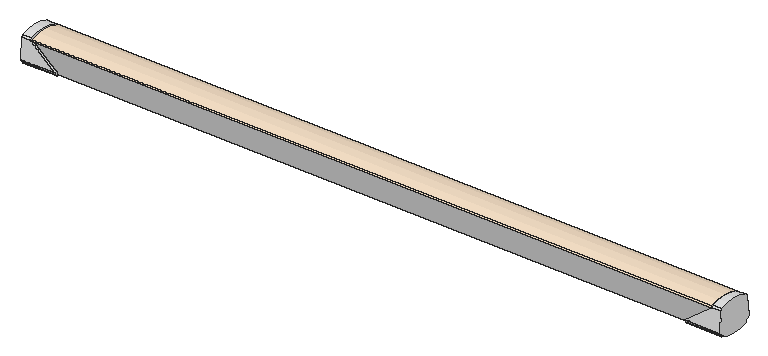
Revit family "Lighting-Industrial-GEWISS-ELIA-WL-LED_WATERTIGHT", category Apparecchi per illuminazione, host Superficie, Revit 2019
Family settings
  Host = Superficie
  Quota connettore circolare = Usa diametro
  Tipo di parte = Normale
  Taglio con vuoti quando caricato = No
  Sorgente d'illuminazione = Sì
  Condiviso = No
  Punto di calcolo locali = Sì
Parameters (values of type "GWS2358PL - ELIA WL 1500 OPAL 4000K THROUGH LINE")
  Working temperature = "-25 +40 °C"
  Weight (kg): = "2"
  Weight (kg) = "2"
  Wattage = 9.2903 W
  Warranty = "5 years"
  Voltage = "220-240 V "
  Visibilità frontale = Frontale : 1500
  Visibilità etichetta [instance] = yes
  Visibilità bidimensionale = 2D frontali : Elia WL 1500
  Version file RFA = "20.0"
  Variazione temperatura colore lampada con luminosità attenuata = <Nessuno>
  Visibilità simbolo [instance] = yes
  Visibilità lampada in pianta [instance] = not(Visibilità simbolo)  # no
  URL = "https://www.gewiss.com/ww/en"
  UGR: = ""
  Typology = "Ceiling - Wall mounted - Suspended"
  Type of light source = "LED - Not replaceable"
  Type of lamp = "LED"
  built-in parameter 1150107 = 3200 (stored number, unit not read)
  Technical sheet = "https://www.gewiss.com/ww/en/search?q=GWS2358PL"
  System power = "47W"
  Spostamento_x_effettivo [instance] = 4000 mm - Spostamento_x  # 4000 mm
  Spostamento_x [instance] = 0 mm
  Spostamento_y_effettivo [instance] = 4000 mm - Spostamento_y  # 4000 mm
  Spostamento_y [instance] = 0 mm
  Shock resistance = "IK08"
  SEO = "Ceiling - Wall mounted - Suspended"
  Realized by GEWISS S.p.A. = ""
  Default Elevation = 1219.2 mm
  Produttore = "GEWISS S.p.A."
  built-in parameter 1150110 = 1 (stored number, unit not read)
  built-in parameter 1150109 = 1 (stored number, unit not read)
  built-in parameter 1114218 = 1 (stored number, unit not read)
  built-in parameter 1150112 = 1 (stored number, unit not read)
  Optic = "Opal"
  Operating temperature: = "-25 +40 °C"
  Nome quadro [instance] = "330W"
  Modello = "GWS2358PL"
  built-in parameter 1150137 = (empty or 0)
  built-in parameter 1150132 = (empty or 0)
  Luminous flux in emerg. [lm] = ""
  Lumen output (lm) = "5700"
  Lamp = "LED"
  L_lampada = 1500 mm
  LED Life time (L80B50) = "L80 B50 (Tq25°) = 54.000h"
  built-in parameter 1150105 = 109.82 (stored number, unit not read)
  built-in parameter 1150102 = (empty or 0)
  Insulation class = "I"
  Installation = "Ceiling - Wall mounted - Suspended"
  Immagine tipo = ELIA_WL.jpeg
  built-in parameter 1150106 = 1.0982 (stored number, unit not read)
  IP degree = "IP66"
  IDT = "94634168-d726-4c19-9922-7cff39855ded"
  IDF = "676f49d4-4ff3-43c5-861b-19ef4ef8a3b1"
  Lumens = 1380 lm
  Color Filter = 16777215
  File diagramma fotometrico = "GWS2358PL.IES"
  built-in parameter 1114217 = 1 (stored number, unit not read)
  built-in parameter 1150139 = (empty or 0)
  Emit from Line Length = 609.6 mm
  Electrocod = ""
  Efficiency class of integrated LEDs = ""
  built-in parameter 1150104 = 13.8 (stored number, unit not read)
  EAN code = ""
  Driver type = ""
  Distanza dal host [instance] = 0 mm
  built-in parameter 1150115 = 1 (stored number, unit not read)
  built-in parameter 1150114 = 1 (stored number, unit not read)
  built-in parameter 1150113 = 1 (stored number, unit not read)
  Dimensions (mm) = "1500 mm"
  Descrizione = "ELIA WL 1500 OPAL 4000K THROUGH LINE"
  Colour temperature: = "4000K"
  Colour temperature = "4000K"
  Colour = "White"
  built-in parameter 1150134 = 3
  built-in parameter 1150138 = (empty or 0)
  Catalogue Range = "ELIA WL"
  Catalogue = "LIGHTING"
  COBie.Tagnumber = ""
  COBie.CreatedOn = ""
  COBie.CreatebBy = ""
  COBie.ComponentRegisterItemID = ""
  COBie.Component.TagNumber = ""
  COBie.Component.Space = ""
  COBie.Component.SerialNumber = ""
  COBie.Component.InstallationDate = ""
  COBie.Component.Description = ""
  COBie.Component.BarCode = ""
  Application = "Indoor"
  Tilt Angle = 90.00°  # constant formula
  built-in parameter 1150133 = 10 (stored number, unit not read)
Types (6, lengths in mm): name | Working temperature | Weight (kg): | Weight (kg) | Visibilità frontale | Visibilità bidimensionale | Technical sheet | System power | Operating temperature: | Modello | Lumen output (lm) | L_lampada | IP degree | IDT | File diagramma fotometrico | Dimensions (mm) | Descrizione
  GWS2336P - ELIA WL 1200 OPAL 4000K STAND ALONE | "-25 +40 °C" | "1,7" | "1,7" | Frontale : 1200 | 2D frontali : Elia Wl 1200 | "https://www.gewiss.com/ww/en/search?q=GWS2336P" | "37W" | "-25 +40 °C" | "GWS2336P" | "4500" | 1200 | "IP66" | "fa43dbab-c6b4-44d3-a5c7-b5303af9448d" | "GWS2336P.IES" | "1200 mm" | "ELIA WL 1200 OPAL 4000K STAND ALONE"
  GWS2336PE - ELIA WL 1200 OPAL 4000K EMERGENCY | "0 +25 °C" | "2,7" | "2,7" | Frontale : 1200 | 2D frontali : Elia Wl 1200 | "https://www.gewiss.com/ww/en/search?q=GWS2336PE" | "42W" | "0 +25 °C" | "GWS2336PE" | "4500" | 1200 | "IP54" | "762034f8-eb7c-49ef-833b-293f5b18beb9" | "GWS2336PE.IES" | "1200 mm" | "ELIA WL 1200 OPAL 4000K EMERGENCY"
  GWS2336PL - ELIA WL 1200 OPAL 4000K THROUGH LINE | "-25 +40 °C" | "1,7" | "1,7" | Frontale : 1200 | 2D frontali : Elia Wl 1200 | "https://www.gewiss.com/ww/en/search?q=GWS2336PL" | "37W" | "-25 +40 °C" | "GWS2336PL" | "4500" | 1200 | "IP66" | "49a88468-eb8e-4ae3-bb05-9e95ea00be18" | "GWS2336PL.IES" | "1200 mm" | "ELIA WL 1200 OPAL 4000K THROUGH LINE"
  GWS2358P - ELIA WL 1500 OPAL 4000K STAND ALONE | "-25 +40 °C" | "2" | "2" | Frontale : 1500 | 2D frontali : Elia WL 1500 | "https://www.gewiss.com/ww/en/search?q=GWS2358P" | "47W" | "-25 +40 °C" | "GWS2358P" | "5700" | 1500 | "IP66" | "4e95b2c0-e32c-426e-a5ce-0e24ee83d399" | "GWS2358P.IES" | "1500 mm" | "ELIA WL 1500 OPAL 4000K STAND ALONE"
  GWS2358PE - ELIA WL 1500 OPAL 4000K EMERGENCY | "0 +25 °C" | "3" | "3" | Frontale : 1500 | 2D frontali : Elia WL 1500 | "https://www.gewiss.com/ww/en/search?q=GWS2358PE" | "52W" | "0 +25 °C" | "GWS2358PE" | "5700" | 1500 | "IP54" | "d8150ac9-eb42-467d-8340-7120c57fe45e" | "GWS2358PE.IES" | "1500 mm" | "ELIA WL 1500 OPAL 4000K EMERGENCY"
  GWS2358PL - ELIA WL 1500 OPAL 4000K THROUGH LINE | "-25 +40 °C" | "2" | "2" | Frontale : 1500 | 2D frontali : Elia WL 1500 | "https://www.gewiss.com/ww/en/search?q=GWS2358PL" | "47W" | "-25 +40 °C" | "GWS2358PL" | "5700" | 1500 | "IP66" | "94634168-d726-4c19-9922-7cff39855ded" | "GWS2358PL.IES" | "1500 mm" | "ELIA WL 1500 OPAL 4000K THROUGH LINE"
Reference planes
  plane 1 "Centro (Fronte/Retro)": y = 0
  plane 2: z = 0
  plane 3 "Centro (Sinistra/Destra)": x = 0
  plane 4: x = -4000
  plane 5: x = 0
  plane 6: x = 0
  plane 7: z = 1200
  plane 8: y = -4000
  plane 9: y = 0
  plane 10: z = 6.4
  plane 11: z = 56.978
  plane 12: z = 0
Dimensions and locks
  plane 4 to plane 3 "Centro (Sinistra/Destra)" = 4000 mm  (x2)
  "Spostamento_x_effettivo": plane 4 to plane 5
  "Spostamento_x_effettivo": plane 6 to plane 4
  plane 7 to plane 2 = 1200 mm
  "Spostamento_y_effettivo": plane 9 to plane 8
  plane 1 "Centro (Fronte/Retro)" to plane 8 = 4000 mm
  locked: plane 11 to plane 10 at 50.578
  locked: plane 10 to plane 12 at 6.4
  "Distanza dal host": plane 12 to level
  aligned and locked: plane 2 to host face
  aligned and locked: level to host face
  aligned and locked: plane 6 to nested 1
  aligned and locked: plane 10 to nested 2
  aligned and locked: plane 1 "Centro (Fronte/Retro)" to imposter light
  aligned and locked: nested 1 to plane 9
  aligned and locked: nested 4 to plane 3 "Centro (Sinistra/Destra)"
  aligned and locked: level to nested 3
  aligned and locked: nested 3 to plane 1 "Centro (Fronte/Retro)"
  aligned and locked: nested 5 to level
  aligned and locked: plane 1 "Centro (Fronte/Retro)" to nested 6
  aligned and locked: plane 6 to nested 7
  aligned and locked: nested 8 to plane 12
  aligned and locked: nested 8 to imposter light
Automatic sketch dimensions
  host sketch curve to host sketch curve = 2438.4 mm  (x2)
Nested families
  nested 1: "Etichetta light" at (0, 0, 0), visible <- "Visibilità etichetta", type "Etichetta light"
  nested 2: "Elia WL base" at (0, 0, 66.672) x (-1, 0, 0) z (0, 0, -1), type "Elia WL base"
    with L_lampada 1500 mm
  nested 3: "SIMB_2D" at (0, 0, 110.443) x (0, 0, 1) z (1, 0, 0), visible <- "Visibilità simbolo", type "SIMB_2D"
  nested 4: "SIMB_2D" at (0, 0, 40) x (-1, 0, 0) z (0, -1, 0), visible <- "Visibilità simbolo", type "SIMB_2D"
  nested 5: "2D frontali" at (0, 0, 0) x (1, 0, 0) z (0, -1, 0), visible <- "Visibilità lampada in pianta", type <- "Visibilità bidimensionale", type "Elia WL 1500"
  nested 6: "Frontale" at (0, 0, 0), type <- "Visibilità frontale", visible <- "Visibilità lampada in pianta", type "1500"
  nested 7: "Elia WL" at (0, -135, 0), visible <- "Visibilità simbolo", type "Elia WL"
  nested 8: "2D laterali" at (0, 0, 0) x (0, 1, 0) z (1, 0, 0), visible <- "Visibilità lampada in pianta", type "2D laterali"
Definition of nested family "Elia WL base"
  Parameters (values of type "Elia WL base")
    porta lampada = none
    led = none
    diametro lampada = 45 mm
    Default Elevation = 1219.2 mm
    L_lampada = 1200 mm
    Corpo centrale = none
  Reference planes
    plane 1 "Centro (Fronte/Retro)": y = 0
    plane 2: z = 0
    plane 3 "Centro (Sinistra/Destra)": x = 0
    plane 4: x = -600
    plane 5: x = -525.132
    plane 6: x = -580.156
    plane 7: x = 525.132
    plane 8: x = 580.156
    plane 9: x = 600
    plane 10: z = 39.707
    plane 11: z = -7.379
  Forms (mm)
    Extrusion 1, solid, material <- "porta lampada"
      sketch origin (0, 0, 0) x (0, 1, 0) y (0, 0, 1)
        loop
          line (-35.231, 9.488) -> (-32.064, 5.714)
          arc (-32.064, 5.714) -> (-0.397, -0.384) -> (31.269, 5.714) r 85.26
          line (31.269, 5.714) -> (35.249, 9.694) -> (38.832, 50.655) -> (36.022, 55.522)
          arc (36.022, 55.522) -> (31.906, 56.155) -> (31.272, 60.271) r 3.522
          arc (31.272, 60.271) -> (0, 66.678) -> (-31.272, 60.272) r 79.526
          arc (-31.272, 60.272) -> (-31.906, 56.156) -> (-36.022, 55.522) r 3.522
          line (-36.022, 55.522) -> (-38.832, 50.655) -> (-35.231, 9.488)
      from -600 to -525.132
    Extrusion 2, void
      sketch origin (0, 0, 0) x (1, 0, 0) y (0, 0, 1)
        loop
          line (-525.132, -7.379) -> (-525.132, 50.655) -> (-580.156, 9.694) -> (-580.156, -7.379) -> (-525.132, -7.379)
      from -42.26 to 40.514
    Extrusion 3, void
      sketch origin (0, 0, 0) x (0, 1, 0) y (0, 0, 1)
        loop
          circle (0, 39.707) r 22.5
      from -580.156 to -525.132
    Extrusion 4, solid, material <- "porta lampada"
      sketch origin (0, 0, 0) x (0, 1, 0) y (0, 0, -1)
        loop
          line (-35.231, -9.488) -> (-38.832, -50.655) -> (-36.022, -55.522)
          arc (-36.022, -55.522) -> (-31.906, -56.156) -> (-31.272, -60.272) r 3.522
          arc (-31.272, -60.272) -> (0, -66.678) -> (31.272, -60.271) r 79.526
          arc (31.272, -60.271) -> (31.906, -56.155) -> (36.022, -55.522) r 3.522
          line (36.022, -55.522) -> (38.832, -50.655) -> (35.249, -9.694) -> (31.269, -5.714)
          arc (31.269, -5.714) -> (-0.397, 0.384) -> (-32.064, -5.714) r 85.26
          line (-32.064, -5.714) -> (-35.231, -9.488)
      from -600 to -525.132
    Extrusion 5, void
      sketch origin (0, 0, 0) x (-1, 0, 0) y (0, 0, -1)
        loop
          line (-525.132, 7.379) -> (-580.156, 7.379) -> (-580.156, -9.694) -> (-525.132, -50.655) -> (-525.132, 7.379)
      from -42.26 to 40.514
    Extrusion 6, void
      sketch origin (0, 0, 0) x (0, 1, 0) y (0, 0, -1)
        loop
          line (21.429, -46.566) -> (21.429, -9.694) -> (-21.429, -9.694) -> (-21.429, -46.566)
          arc (-21.429, -46.566) -> (0, -62.207) -> (21.429, -46.566) r 22.5
      from -580.156 to 580.156
    Extrusion 7, solid, material <- "led"
      sketch origin (0, 0, 0) x (0, 1, 0) y (0, 0, 1)
        loop
          line (33.409, 7.854) -> (35.249, 9.694) -> (-35.403, 9.694) -> (-33.667, 7.625)
          arc (-33.667, 7.625) -> (-0.105, 0.866) -> (33.409, 7.854) r 85.26
      from -580.156 to 580.156
    Extrusion 8, solid, material <- "Corpo centrale"
      sketch origin (0, 0, 0) x (0, 1, 0) y (0, 0, 1)
        loop
          line (-35.112, 54.021) -> (-31.233, 9.694) -> (31.233, 9.694) -> (35.111, 54.02)
          arc (35.111, 54.02) -> (0, 62.678) -> (-35.112, 54.021) r 75.526
      from -580.156 to 580.156
  Cuts and joins
    Extrusion 2, Extrusion 3, Extrusion 5 cuts Extrusion 1
    Extrusion 5, Extrusion 6 cuts Extrusion 4
  Dimensions and locks
    locked: plane 4 to plane 6 at 19.844
    locked: plane 6 to plane 5 at 55.024
    locked: plane 8 to plane 7 at 55.024
    locked: plane 9 to plane 8 at 19.844
    equal spacing: plane 4, plane 3 "Centro (Sinistra/Destra)", plane 9
    "L_lampada": plane 4 to plane 9
    locked: level to plane 11 at 7.379
    "diametro lampada": diameter of Extrusion 3 sketch curve
    "diametro lampada": diameter of Extrusion 6 sketch curve
    aligned and locked: level to plane 2
    aligned and locked: Extrusion 2 to plane 5
    aligned and locked: Extrusion 1 to plane 5
    aligned and locked: plane 4 to Extrusion 1
    aligned and locked: plane 6 to Extrusion 2  (x2)
    aligned and locked: plane 6 to Extrusion 3
    aligned and locked: Extrusion 3 to plane 5
    aligned and locked: plane 7 to Extrusion 5
    aligned and locked: plane 7 to Extrusion 4
    aligned and locked: plane 8 to Extrusion 5  (x2)
    aligned and locked: Extrusion 6 to plane 8
    aligned and locked: cut or joined group of Extrusion 4, Extrusion 5, Extrusion 6 to plane 9
    aligned and locked: plane 10 to Extrusion 6 sketch curve
    aligned and locked: plane 1 "Centro (Fronte/Retro)" to Extrusion 6 sketch curve
    aligned and locked: plane 10 to Extrusion 3 sketch curve
    aligned and locked: plane 1 "Centro (Fronte/Retro)" to Extrusion 3 sketch curve
    aligned and locked: Extrusion 2 to Extrusion 6
    aligned and locked: Extrusion 2 to plane 11
    aligned and locked: Extrusion 5 to plane 11
    aligned and locked: plane 6 to Extrusion 7
    aligned and locked: plane 8 to Extrusion 7
    aligned and locked: plane 6 to Extrusion 6
    aligned and locked: plane 6 to Extrusion 8
    aligned and locked: plane 8 to Extrusion 8
  Automatic sketch dimensions
    plane 1 "Centro (Fronte/Retro)" to Extrusion 1 sketch curve = 38.832 mm
    Extrusion 1 sketch curve to Extrusion 1 sketch curve = 2.81 mm  (x2)
    level to Extrusion 1 sketch curve = 9.488 mm
    plane 1 "Centro (Fronte/Retro)" to Extrusion 1 sketch curve = 35.231 mm
    Extrusion 1 sketch curve to Extrusion 1 sketch curve = 1.626 mm  (x2)
    level to Extrusion 1 sketch curve = 5.714 mm  (x2)
    Extrusion 1 sketch curve to Extrusion 1 sketch curve = 3.167 mm
    plane 1 "Centro (Fronte/Retro)" to Extrusion 1 sketch curve = 0.397 mm
    plane 1 "Centro (Fronte/Retro)" to Extrusion 1 sketch curve = 0.001 mm
    Extrusion 1 sketch curve to plane 1 "Centro (Fronte/Retro)" = 34.396 mm
    level to Extrusion 1 sketch curve = 9.694 mm
    Extrusion 1 sketch curve to Extrusion 1 sketch curve = 3.979 mm
    Extrusion 1 sketch curve to level = 12.847 mm
    Extrusion 1 sketch curve to Extrusion 1 sketch curve = 41.167 mm
    Extrusion 1 sketch curve to Extrusion 1 sketch curve = 40.961 mm
    Extrusion 1 sketch curve to Extrusion 1 sketch curve = 4.867 mm  (x2)
    Extrusion 1 sketch curve to Extrusion 1 sketch curve = 3.124 mm  (x3)
    Extrusion 1 sketch curve to Extrusion 1 sketch curve = 26.23 mm
    Extrusion 2 sketch curve to level = 7.379 mm
    plane 6 to Extrusion 2 sketch curve = 0 mm
    plane 5 to Extrusion 2 sketch curve = 0 mm
    level to Extrusion 2 sketch curve = 9.694 mm
    level to Extrusion 2 sketch curve = 50.655 mm
    plane 1 "Centro (Fronte/Retro)" to Extrusion 4 sketch curve = 38.832 mm
    Extrusion 4 sketch curve to Extrusion 4 sketch curve = 2.81 mm  (x2)
    level to Extrusion 4 sketch curve = 9.488 mm
    plane 1 "Centro (Fronte/Retro)" to Extrusion 4 sketch curve = 35.231 mm
    Extrusion 4 sketch curve to Extrusion 4 sketch curve = 1.626 mm  (x2)
    level to Extrusion 4 sketch curve = 5.714 mm  (x2)
    Extrusion 4 sketch curve to Extrusion 4 sketch curve = 3.167 mm
    plane 1 "Centro (Fronte/Retro)" to Extrusion 4 sketch curve = 0.397 mm
    plane 1 "Centro (Fronte/Retro)" to Extrusion 4 sketch curve = 0.001 mm
    Extrusion 4 sketch curve to plane 1 "Centro (Fronte/Retro)" = 34.396 mm
    level to Extrusion 4 sketch curve = 9.694 mm
    Extrusion 4 sketch curve to Extrusion 4 sketch curve = 3.979 mm
    Extrusion 4 sketch curve to Extrusion 4 sketch curve = 40.961 mm
    Extrusion 4 sketch curve to Extrusion 4 sketch curve = 41.167 mm
    Extrusion 4 sketch curve to Extrusion 4 sketch curve = 4.867 mm  (x2)
    Extrusion 4 sketch curve to Extrusion 4 sketch curve = 3.124 mm  (x3)
    Extrusion 4 sketch curve to Extrusion 4 sketch curve = 26.23 mm
    Extrusion 4 sketch curve to level = 12.847 mm
    level to Extrusion 5 sketch curve = 7.379 mm
    Extrusion 5 sketch curve to plane 8 = 0 mm
    Extrusion 5 sketch curve to plane 7 = 0 mm
    Extrusion 5 sketch curve to level = 9.694 mm
    Extrusion 5 sketch curve to level = 50.655 mm
    level to Extrusion 7 sketch curve = 9.694 mm
    plane 1 "Centro (Fronte/Retro)" to Extrusion 7 sketch curve = 35.403 mm
    level to Extrusion 7 sketch curve = 7.625 mm
    Extrusion 7 sketch curve to Extrusion 7 sketch curve = 1.736 mm
    plane 1 "Centro (Fronte/Retro)" to Extrusion 7 sketch curve = 0.397 mm
    plane 10 to Extrusion 7 sketch curve = 46.419 mm
    level to Extrusion 7 sketch curve = 7.854 mm
    Extrusion 7 sketch curve to Extrusion 7 sketch curve = 1.839 mm
    plane 1 "Centro (Fronte/Retro)" to Extrusion 8 sketch curve = 0.001 mm
    Extrusion 8 sketch curve to plane 11 = 5.468 mm
    level to Extrusion 8 sketch curve = 9.694 mm
    plane 1 "Centro (Fronte/Retro)" to Extrusion 8 sketch curve = 31.233 mm
    plane 10 to Extrusion 8 sketch curve = 14.314 mm
    Extrusion 8 sketch curve to plane 1 "Centro (Fronte/Retro)" = 35.111 mm
    Extrusion 8 sketch curve to plane 1 "Centro (Fronte/Retro)" = 31.233 mm
    plane 10 to Extrusion 8 sketch curve = 14.313 mm
    level to Extrusion 6 sketch curve = 9.694 mm
    plane 1 "Centro (Fronte/Retro)" to Extrusion 6 sketch curve = 21.429 mm
    Extrusion 6 sketch curve to plane 1 "Centro (Fronte/Retro)" = 21.429 mm
Definition of nested family "Etichetta light"
  Parameters (values of type "ETICHETTA LIGHT")
    COMMENTI = "330W"
  Reference planes
    plane 1: y = 0
    plane 2: x = 0
  Text (mm)
    label "COMMENTI" at (-0.057, 0.105, 0), shows "COMMENTI"
Definition of nested family "SIMB_2D"
  Reference planes
    plane 1 "Centro (Fronte/Retro)": y = 0
    plane 2: z = 0
    plane 3 "Centro (Sinistra/Destra)": x = 0
  Lines and regions (mm)
    model lines, in view "Livello rif."
      curve 1: line (-91.479, 0, 0) -> (0, 0, 0)
      curve 2: line (155.057, -37.929, 0) -> (-110.443, -37.929, 0)
      curve 3: line (-110.443, -37.929, 0) -> (-110.443, 37.929, 0)
      curve 4: line (-110.443, 37.929, 0) -> (155.057, 37.929, 0)
      curve 5: line (155.057, 37.929, 0) -> (155.057, -37.929, 0)
      curve 6: line (37.325, -18.582, 0) -> (0, 0, 0)
      curve 7: line (0, 0, 0) -> (37.325, 18.806, 0)
      curve 8: line (37.325, 18.806, 0) -> (37.325, -18.582, 0)
      curve 9: line (0, 18.694, 0) -> (0, -18.694, 0)
      curve 10: line (37.325, 0, 0) -> (136.092, 0, 0)
Definition of nested family "2D frontali"
  Parameters (values of type "Elia WL 1500")
    Elia WL 1500 = yes
    Elia WL 1200 = no
  Types (3, lengths in mm): name | Elia WL 1500 | Elia WL 1200
    (no name) | yes | no
    Elia Wl 1200 | no | yes
    Elia WL 1500 | yes | no
  Reference planes
    plane 1 "Centro (Fronte/Retro)": y = 0
    plane 2: z = 0
    plane 3 "Centro (Sinistra/Destra)": x = 0
  Lines and regions (mm)
    detail lines, in view "Livello rif.", visible <- "Elia WL 1200"
      curve 1: line (521.777, 0, 0) -> (521.777, 15.949, 0)
      curve 2: line (522.574, -0.797, 0) -> (521.777, 0, 0)
      curve 3: line (595.142, 0, 0) -> (522.574, -0.797, 0)
      curve 4: line (596.737, 1.595, 0) -> (595.142, 0, 0)
      curve 5: line (596.737, 64.593, 0) -> (596.737, 1.595, 0)
      curve 6: line (595.142, 66.188, 0) -> (596.737, 64.593, 0)
      curve 7: line (578.395, 66.188, 0) -> (595.142, 66.188, 0)
      curve 8: line (577.598, 65.391, 0) -> (578.395, 66.188, 0)
      curve 9: line (577.598, 64.593, 0) -> (577.598, 65.391, 0)
      curve 10: line (577.598, 63.796, 0) -> (577.598, 64.593, 0)
      curve 11: line (577.598, 62.998, 0) -> (577.598, 63.796, 0)
      curve 12: line (577.598, 61.403, 0) -> (577.598, 62.998, 0)
      curve 13: line (577.598, 60.606, 0) -> (577.598, 61.403, 0)
      curve 14: line (577.598, 59.809, 0) -> (577.598, 60.606, 0)
      curve 15: line (577.598, 59.011, 0) -> (577.598, 59.809, 0)
      curve 16: line (577.598, 58.214, 0) -> (577.598, 59.011, 0)
      curve 17: line (576.801, 57.416, 0) -> (577.598, 58.214, 0)
      curve 18: line (576.801, 56.619, 0) -> (576.801, 57.416, 0)
      curve 19: line (576.003, 55.821, 0) -> (576.801, 56.619, 0)
      curve 20: line (575.206, 55.024, 0) -> (576.003, 55.821, 0)
      curve 21: line (574.408, 54.226, 0) -> (575.206, 55.024, 0)
      curve 22: line (573.611, 53.429, 0) -> (574.408, 54.226, 0)
      curve 23: line (560.852, 43.86, 0) -> (573.611, 53.429, 0)
      curve 24: line (548.092, 34.29, 0) -> (560.852, 43.86, 0)
      curve 25: line (534.536, 25.518, 0) -> (548.092, 34.29, 0)
      curve 26: line (521.777, 15.949, 0) -> (534.536, 25.518, 0)
      curve 27: line (-474.874, 0, 0) -> (-474.874, 15.949, 0)
      curve 28: line (-475.672, -0.797, 0) -> (-474.874, 0, 0)
      curve 29: line (-547.442, 0, 0) -> (-475.672, -0.797, 0)
      curve 30: line (-549.834, 1.595, 0) -> (-547.442, 0, 0)
      curve 31: line (-549.834, 64.593, 0) -> (-549.834, 1.595, 0)
      curve 32: line (-547.442, 66.188, 0) -> (-549.834, 64.593, 0)
      curve 33: line (-531.493, 66.188, 0) -> (-547.442, 66.188, 0)
      curve 34: line (-530.696, 65.391, 0) -> (-531.493, 66.188, 0)
      curve 35: line (-530.696, 64.593, 0) -> (-530.696, 65.391, 0)
      curve 36: line (-530.696, 63.796, 0) -> (-530.696, 64.593, 0)
      curve 37: line (-530.696, 62.998, 0) -> (-530.696, 63.796, 0)
      curve 38: line (-530.696, 61.403, 0) -> (-530.696, 62.998, 0)
      curve 39: line (-530.696, 60.606, 0) -> (-530.696, 61.403, 0)
      curve 40: line (-530.696, 59.809, 0) -> (-530.696, 60.606, 0)
      curve 41: line (-530.696, 59.011, 0) -> (-530.696, 59.809, 0)
      curve 42: line (-529.898, 58.214, 0) -> (-530.696, 59.011, 0)
      curve 43: line (-529.898, 57.416, 0) -> (-529.898, 58.214, 0)
      curve 44: line (-529.101, 56.619, 0) -> (-529.898, 57.416, 0)
      curve 45: line (-529.101, 55.821, 0) -> (-529.101, 56.619, 0)
      curve 46: line (-528.303, 55.024, 0) -> (-529.101, 55.821, 0)
      curve 47: line (-527.506, 54.226, 0) -> (-528.303, 55.024, 0)
      curve 48: line (-526.708, 53.429, 0) -> (-527.506, 54.226, 0)
      curve 49: line (-513.949, 43.86, 0) -> (-526.708, 53.429, 0)
      curve 50: line (-500.393, 34.29, 0) -> (-513.949, 43.86, 0)
      curve 51: line (-487.633, 25.518, 0) -> (-500.393, 34.29, 0)
      curve 52: line (-474.874, 15.949, 0) -> (-487.633, 25.518, 0)
      curve 53: line (595.939, 0, 0) -> (-474.874, 0, 0)
      curve 54: line (-545.704, 64.593, 0) -> (595.142, 64.593, 0)
      curve 55: line (596.737, 47.847, 0) -> (596.737, 1.595, 0)
      curve 56: line (-529.898, 57.416, 0) -> (577.598, 57.416, 0)
      curve 57: line (-474.874, 7.177, 0) -> (521.777, 7.177, 0)
    detail lines, in view "Livello rif.", visible <- "Elia WL 1200", not visible
      curve 58: line (521.777, 0, 0) -> (521.777, 15.949, 0)
      curve 59: line (522.574, -0.797, 0) -> (521.777, 0, 0)
      curve 60: line (595.142, 0, 0) -> (522.574, -0.797, 0)
      curve 61: line (596.737, 1.595, 0) -> (595.142, 0, 0)
      curve 62: line (596.737, 64.593, 0) -> (596.737, 1.595, 0)
      curve 63: line (595.142, 66.188, 0) -> (596.737, 64.593, 0)
      curve 64: line (578.395, 66.188, 0) -> (595.142, 66.188, 0)
      curve 65: line (577.598, 65.391, 0) -> (578.395, 66.188, 0)
      curve 66: line (577.598, 64.593, 0) -> (577.598, 65.391, 0)
      curve 67: line (577.598, 63.796, 0) -> (577.598, 64.593, 0)
      curve 68: line (577.598, 62.998, 0) -> (577.598, 63.796, 0)
      curve 69: line (577.598, 61.403, 0) -> (577.598, 62.998, 0)
      curve 70: line (577.598, 60.606, 0) -> (577.598, 61.403, 0)
      curve 71: line (577.598, 59.809, 0) -> (577.598, 60.606, 0)
      curve 72: line (577.598, 59.011, 0) -> (577.598, 59.809, 0)
      curve 73: line (577.598, 58.214, 0) -> (577.598, 59.011, 0)
      curve 74: line (576.801, 57.416, 0) -> (577.598, 58.214, 0)
      curve 75: line (576.801, 56.619, 0) -> (576.801, 57.416, 0)
      curve 76: line (576.003, 55.821, 0) -> (576.801, 56.619, 0)
      curve 77: line (575.206, 55.024, 0) -> (576.003, 55.821, 0)
      curve 78: line (574.408, 54.226, 0) -> (575.206, 55.024, 0)
      curve 79: line (573.611, 53.429, 0) -> (574.408, 54.226, 0)
      curve 80: line (560.852, 43.86, 0) -> (573.611, 53.429, 0)
      curve 81: line (548.092, 34.29, 0) -> (560.852, 43.86, 0)
      curve 82: line (534.536, 25.518, 0) -> (548.092, 34.29, 0)
      curve 83: line (521.777, 15.949, 0) -> (534.536, 25.518, 0)
      curve 84: line (-474.874, 0, 0) -> (-474.874, 15.949, 0)
      curve 85: line (-475.672, -0.797, 0) -> (-474.874, 0, 0)
      curve 86: line (-547.442, 0, 0) -> (-475.672, -0.797, 0)
      curve 87: line (-549.834, 1.595, 0) -> (-547.442, 0, 0)
      curve 88: line (-549.834, 64.593, 0) -> (-549.834, 1.595, 0)
      curve 89: line (-547.442, 66.188, 0) -> (-549.834, 64.593, 0)
      curve 90: line (-531.493, 66.188, 0) -> (-547.442, 66.188, 0)
      curve 91: line (-530.696, 65.391, 0) -> (-531.493, 66.188, 0)
      curve 92: line (-530.696, 64.593, 0) -> (-530.696, 65.391, 0)
      curve 93: line (-530.696, 63.796, 0) -> (-530.696, 64.593, 0)
      curve 94: line (-530.696, 62.998, 0) -> (-530.696, 63.796, 0)
      curve 95: line (-530.696, 61.403, 0) -> (-530.696, 62.998, 0)
      curve 96: line (-530.696, 60.606, 0) -> (-530.696, 61.403, 0)
      curve 97: line (-530.696, 59.809, 0) -> (-530.696, 60.606, 0)
      curve 98: line (-530.696, 59.011, 0) -> (-530.696, 59.809, 0)
      curve 99: line (-529.898, 58.214, 0) -> (-530.696, 59.011, 0)
      curve 100: line (-529.898, 57.416, 0) -> (-529.898, 58.214, 0)
      curve 101: line (-529.101, 56.619, 0) -> (-529.898, 57.416, 0)
      curve 102: line (-529.101, 55.821, 0) -> (-529.101, 56.619, 0)
      curve 103: line (-528.303, 55.024, 0) -> (-529.101, 55.821, 0)
      curve 104: line (-527.506, 54.226, 0) -> (-528.303, 55.024, 0)
      curve 105: line (-526.708, 53.429, 0) -> (-527.506, 54.226, 0)
      curve 106: line (-513.949, 43.86, 0) -> (-526.708, 53.429, 0)
      curve 107: line (-500.393, 34.29, 0) -> (-513.949, 43.86, 0)
      curve 108: line (-487.633, 25.518, 0) -> (-500.393, 34.29, 0)
      curve 109: line (-474.874, 15.949, 0) -> (-487.633, 25.518, 0)
      curve 110: line (595.939, 0, 0) -> (-474.874, 0, 0)
      curve 111: line (-545.704, 64.593, 0) -> (595.142, 64.593, 0)
      curve 112: line (596.737, 47.847, 0) -> (596.737, 1.595, 0)
      curve 113: line (-529.898, 57.416, 0) -> (577.598, 57.416, 0)
      curve 114: line (-474.874, 7.177, 0) -> (521.777, 7.177, 0)
    detail lines, in view "Livello rif.", visible <- "Elia WL 1500"
      curve 115: line (659.469, 0, 0) -> (659.469, 15.949, 0)
      curve 116: line (660.266, -0.797, 0) -> (659.469, 0, 0)
      curve 117: line (732.834, 0, 0) -> (660.266, -0.797, 0)
      curve 118: line (734.429, 1.595, 0) -> (732.834, 0, 0)
      curve 119: line (734.429, 64.593, 0) -> (734.429, 1.595, 0)
      curve 120: line (732.834, 66.188, 0) -> (734.429, 64.593, 0)
      curve 121: line (716.087, 66.188, 0) -> (732.834, 66.188, 0)
      curve 122: line (715.29, 65.391, 0) -> (716.087, 66.188, 0)
      curve 123: line (715.29, 64.593, 0) -> (715.29, 65.391, 0)
      curve 124: line (715.29, 63.796, 0) -> (715.29, 64.593, 0)
      curve 125: line (715.29, 62.998, 0) -> (715.29, 63.796, 0)
      curve 126: line (715.29, 61.403, 0) -> (715.29, 62.998, 0)
      curve 127: line (715.29, 60.606, 0) -> (715.29, 61.403, 0)
      curve 128: line (715.29, 59.809, 0) -> (715.29, 60.606, 0)
      curve 129: line (715.29, 59.011, 0) -> (715.29, 59.809, 0)
      curve 130: line (715.29, 58.214, 0) -> (715.29, 59.011, 0)
      curve 131: line (714.493, 57.416, 0) -> (715.29, 58.214, 0)
      curve 132: line (714.493, 56.619, 0) -> (714.493, 57.416, 0)
      curve 133: line (713.695, 55.821, 0) -> (714.493, 56.619, 0)
      curve 134: line (712.898, 55.024, 0) -> (713.695, 55.821, 0)
      curve 135: line (712.1, 54.226, 0) -> (712.898, 55.024, 0)
      curve 136: line (711.303, 53.429, 0) -> (712.1, 54.226, 0)
      curve 137: line (698.544, 43.86, 0) -> (711.303, 53.429, 0)
      curve 138: line (685.784, 34.29, 0) -> (698.544, 43.86, 0)
      curve 139: line (672.228, 25.518, 0) -> (685.784, 34.29, 0)
      curve 140: line (659.469, 15.949, 0) -> (672.228, 25.518, 0)
      curve 141: line (-637.18, 0, 0) -> (-637.18, 15.949, 0)
      curve 142: line (-637.978, -0.797, 0) -> (-637.18, 0, 0)
      curve 143: line (-709.748, 0, 0) -> (-637.978, -0.797, 0)
      curve 144: line (-712.14, 1.595, 0) -> (-709.748, 0, 0)
      curve 145: line (-712.14, 64.593, 0) -> (-712.14, 1.595, 0)
      curve 146: line (-709.748, 66.188, 0) -> (-712.14, 64.593, 0)
      curve 147: line (-693.799, 66.188, 0) -> (-709.748, 66.188, 0)
      curve 148: line (-693.002, 65.391, 0) -> (-693.799, 66.188, 0)
      curve 149: line (-693.002, 64.593, 0) -> (-693.002, 65.391, 0)
      curve 150: line (-693.002, 63.796, 0) -> (-693.002, 64.593, 0)
      curve 151: line (-693.002, 62.998, 0) -> (-693.002, 63.796, 0)
      curve 152: line (-693.002, 61.403, 0) -> (-693.002, 62.998, 0)
      curve 153: line (-693.002, 60.606, 0) -> (-693.002, 61.403, 0)
      curve 154: line (-693.002, 59.809, 0) -> (-693.002, 60.606, 0)
      curve 155: line (-693.002, 59.011, 0) -> (-693.002, 59.809, 0)
      curve 156: line (-692.204, 58.214, 0) -> (-693.002, 59.011, 0)
      curve 157: line (-692.204, 57.416, 0) -> (-692.204, 58.214, 0)
      curve 158: line (-691.407, 56.619, 0) -> (-692.204, 57.416, 0)
      curve 159: line (-691.407, 55.821, 0) -> (-691.407, 56.619, 0)
      curve 160: line (-690.609, 55.024, 0) -> (-691.407, 55.821, 0)
      curve 161: line (-689.812, 54.226, 0) -> (-690.609, 55.024, 0)
      curve 162: line (-689.015, 53.429, 0) -> (-689.812, 54.226, 0)
      curve 163: line (-676.255, 43.86, 0) -> (-689.015, 53.429, 0)
      curve 164: line (-662.699, 34.29, 0) -> (-676.255, 43.86, 0)
      curve 165: line (-649.94, 25.518, 0) -> (-662.699, 34.29, 0)
      curve 166: line (-637.18, 15.949, 0) -> (-649.94, 25.518, 0)
      curve 167: line (733.631, 0, 0) -> (-708.951, 0, 0)
      curve 168: line (-709.748, 64.593, 0) -> (732.834, 64.593, 0)
      curve 169: line (734.429, 47.847, 0) -> (734.429, 1.595, 0)
      curve 170: line (-693.002, 57.416, 0) -> (715.29, 57.416, 0)
      curve 171: line (-637.18, 7.177, 0) -> (659.469, 7.177, 0)
    detail lines, in view "Livello rif.", visible <- "Elia WL 1500", not visible
      curve 172: line (659.469, -274.135, 0) -> (659.469, -258.186, 0)
      curve 173: line (660.266, -274.932, 0) -> (659.469, -274.135, 0)
      curve 174: line (732.834, -274.135, 0) -> (660.266, -274.932, 0)
      curve 175: line (734.429, -272.54, 0) -> (732.834, -274.135, 0)
      curve 176: line (734.429, -209.542, 0) -> (734.429, -272.54, 0)
      curve 177: line (732.834, -207.947, 0) -> (734.429, -209.542, 0)
      curve 178: line (716.087, -207.947, 0) -> (732.834, -207.947, 0)
      curve 179: line (715.29, -208.744, 0) -> (716.087, -207.947, 0)
      curve 180: line (715.29, -209.542, 0) -> (715.29, -208.744, 0)
      curve 181: line (715.29, -210.339, 0) -> (715.29, -209.542, 0)
      curve 182: line (715.29, -211.137, 0) -> (715.29, -210.339, 0)
      curve 183: line (715.29, -212.732, 0) -> (715.29, -211.137, 0)
      curve 184: line (715.29, -213.529, 0) -> (715.29, -212.732, 0)
      curve 185: line (715.29, -214.326, 0) -> (715.29, -213.529, 0)
      curve 186: line (715.29, -215.124, 0) -> (715.29, -214.326, 0)
      curve 187: line (715.29, -215.921, 0) -> (715.29, -215.124, 0)
      curve 188: line (714.493, -216.719, 0) -> (715.29, -215.921, 0)
      curve 189: line (714.493, -217.516, 0) -> (714.493, -216.719, 0)
      curve 190: line (713.695, -218.314, 0) -> (714.493, -217.516, 0)
      curve 191: line (712.898, -219.111, 0) -> (713.695, -218.314, 0)
      curve 192: line (712.1, -219.909, 0) -> (712.898, -219.111, 0)
      curve 193: line (711.303, -220.706, 0) -> (712.1, -219.909, 0)
      curve 194: line (698.544, -230.275, 0) -> (711.303, -220.706, 0)
      curve 195: line (685.784, -239.845, 0) -> (698.544, -230.275, 0)
      curve 196: line (672.228, -248.617, 0) -> (685.784, -239.845, 0)
      curve 197: line (659.469, -258.186, 0) -> (672.228, -248.617, 0)
      curve 198: line (-637.18, -274.135, 0) -> (-637.18, -258.186, 0)
      curve 199: line (-637.978, -274.932, 0) -> (-637.18, -274.135, 0)
      curve 200: line (-709.748, -274.135, 0) -> (-637.978, -274.932, 0)
      curve 201: line (-712.14, -272.54, 0) -> (-709.748, -274.135, 0)
      curve 202: line (-712.14, -209.542, 0) -> (-712.14, -272.54, 0)
      curve 203: line (-709.748, -207.947, 0) -> (-712.14, -209.542, 0)
      curve 204: line (-693.799, -207.947, 0) -> (-709.748, -207.947, 0)
      curve 205: line (-693.002, -208.744, 0) -> (-693.799, -207.947, 0)
      curve 206: line (-693.002, -209.542, 0) -> (-693.002, -208.744, 0)
      curve 207: line (-693.002, -210.339, 0) -> (-693.002, -209.542, 0)
      curve 208: line (-693.002, -211.137, 0) -> (-693.002, -210.339, 0)
      curve 209: line (-693.002, -212.732, 0) -> (-693.002, -211.137, 0)
      curve 210: line (-693.002, -213.529, 0) -> (-693.002, -212.732, 0)
      curve 211: line (-693.002, -214.326, 0) -> (-693.002, -213.529, 0)
      curve 212: line (-693.002, -215.124, 0) -> (-693.002, -214.326, 0)
      curve 213: line (-692.204, -215.921, 0) -> (-693.002, -215.124, 0)
      curve 214: line (-692.204, -216.719, 0) -> (-692.204, -215.921, 0)
      curve 215: line (-691.407, -217.516, 0) -> (-692.204, -216.719, 0)
      curve 216: line (-691.407, -218.314, 0) -> (-691.407, -217.516, 0)
      curve 217: line (-690.609, -219.111, 0) -> (-691.407, -218.314, 0)
      curve 218: line (-689.812, -219.909, 0) -> (-690.609, -219.111, 0)
      curve 219: line (-689.015, -220.706, 0) -> (-689.812, -219.909, 0)
      curve 220: line (-676.255, -230.275, 0) -> (-689.015, -220.706, 0)
      curve 221: line (-662.699, -239.845, 0) -> (-676.255, -230.275, 0)
      curve 222: line (-649.94, -248.617, 0) -> (-662.699, -239.845, 0)
      curve 223: line (-637.18, -258.186, 0) -> (-649.94, -248.617, 0)
      curve 224: line (733.631, -274.135, 0) -> (-708.951, -274.135, 0)
      curve 225: line (-709.748, -209.542, 0) -> (732.834, -209.542, 0)
      curve 226: line (734.429, -226.288, 0) -> (734.429, -272.54, 0)
      curve 227: line (-693.002, -216.719, 0) -> (715.29, -216.719, 0)
      curve 228: line (-637.18, -266.958, 0) -> (659.469, -266.958, 0)
  Dimensions and locks
    aligned and locked: curve 167 to plane 1 "Centro (Fronte/Retro)"
Definition of nested family "Frontale"
  Parameters (values of type "1500")
    1500 = yes
    1200 = no
  Types (3, lengths in mm): name | 1500 | 1200
    (no name) | yes | no
    1200 | no | yes
    1500 | yes | no
  Reference planes
    plane 1 "Centro (Fronte/Retro)": y = 0
    plane 2: z = 0
    plane 3 "Centro (Sinistra/Destra)": x = 0
  Lines and regions (mm)
    model lines, in view "Livello rif.", visible <- "1200"
      curve 1: line (-600, 35, 0) -> (600, 35, 0)
      curve 2: line (-600, 35, 0) -> (-600, -35, 0)
    detail lines, in view "Livello rif.", visible <- "1200"
      curve 3: line (-600, -35, 0) -> (600, -35, 0)
      curve 4: line (600, 35, 0) -> (600, -35, 0)
    detail lines, in view "Livello rif.", visible <- "1500"
      curve 5: line (-750, 35, 0) -> (750, 35, 0)
      curve 6: line (-750, 35, 0) -> (-750, -35, 0)
      curve 7: line (-750, -35, 0) -> (750, -35, 0)
      curve 8: line (750, 35, 0) -> (750, -35, 0)
Definition of nested family "Elia WL"
  Reference planes
    plane 1 "Centro (Fronte/Retro)": y = 0
    plane 2: z = 0
    plane 3 "Centro (Sinistra/Destra)": x = 0
  Lines and regions (mm)
    model lines, in view "Livello rif."
      curve 1: line (-203.287, 0, 0) -> (0, 0, 0)
      curve 2: line (344.571, -84.286, 0) -> (-245.429, -84.286, 0)
      curve 3: line (-245.429, -84.286, 0) -> (-245.429, 84.286, 0)
      curve 4: line (-245.429, 84.286, 0) -> (344.571, 84.286, 0)
      curve 5: line (344.571, 84.286, 0) -> (344.571, -84.286, 0)
      curve 6: line (82.944, -41.294, 0) -> (0, 0, 0)
      curve 7: line (0, 0, 0) -> (82.944, 41.791, 0)
      curve 8: line (82.944, 41.791, 0) -> (82.944, -41.294, 0)
      curve 9: line (0, 41.543, 0) -> (0, -41.543, 0)
      curve 10: line (82.944, 0, 0) -> (302.428, 0, 0)
Definition of nested family "2D laterali"
  Reference planes
    plane 1 "Centro (Fronte/Retro)": y = 0
    plane 2: z = 0
    plane 3 "Centro (Sinistra/Destra)": x = 0
  Lines and regions (mm)
    detail lines, in view "Livello rif.", not visible
      curve 1: line (521.777, 0, 0) -> (521.777, 15.949, 0)
      curve 2: line (522.574, -0.797, 0) -> (521.777, 0, 0)
      curve 3: line (595.142, 0, 0) -> (522.574, -0.797, 0)
      curve 4: line (596.737, 1.595, 0) -> (595.142, 0, 0)
      curve 5: line (596.737, 64.593, 0) -> (596.737, 1.595, 0)
      curve 6: line (595.142, 66.188, 0) -> (596.737, 64.593, 0)
      curve 7: line (578.395, 66.188, 0) -> (595.142, 66.188, 0)
      curve 8: line (577.598, 65.391, 0) -> (578.395, 66.188, 0)
      curve 9: line (577.598, 64.593, 0) -> (577.598, 65.391, 0)
      curve 10: line (577.598, 63.796, 0) -> (577.598, 64.593, 0)
      curve 11: line (577.598, 62.998, 0) -> (577.598, 63.796, 0)
      curve 12: line (577.598, 61.403, 0) -> (577.598, 62.998, 0)
      curve 13: line (577.598, 60.606, 0) -> (577.598, 61.403, 0)
      curve 14: line (577.598, 59.809, 0) -> (577.598, 60.606, 0)
      curve 15: line (577.598, 59.011, 0) -> (577.598, 59.809, 0)
      curve 16: line (577.598, 58.214, 0) -> (577.598, 59.011, 0)
      curve 17: line (576.801, 57.416, 0) -> (577.598, 58.214, 0)
      curve 18: line (576.801, 56.619, 0) -> (576.801, 57.416, 0)
      curve 19: line (576.003, 55.821, 0) -> (576.801, 56.619, 0)
      curve 20: line (575.206, 55.024, 0) -> (576.003, 55.821, 0)
      curve 21: line (574.408, 54.226, 0) -> (575.206, 55.024, 0)
      curve 22: line (573.611, 53.429, 0) -> (574.408, 54.226, 0)
      curve 23: line (560.852, 43.86, 0) -> (573.611, 53.429, 0)
      curve 24: line (548.092, 34.29, 0) -> (560.852, 43.86, 0)
      curve 25: line (534.536, 25.518, 0) -> (548.092, 34.29, 0)
      curve 26: line (521.777, 15.949, 0) -> (534.536, 25.518, 0)
      curve 27: line (-474.874, 0, 0) -> (-474.874, 15.949, 0)
      curve 28: line (-475.672, -0.797, 0) -> (-474.874, 0, 0)
      curve 29: line (-547.442, 0, 0) -> (-475.672, -0.797, 0)
      curve 30: line (-549.834, 1.595, 0) -> (-547.442, 0, 0)
      curve 31: line (-549.834, 64.593, 0) -> (-549.834, 1.595, 0)
      curve 32: line (-547.442, 66.188, 0) -> (-549.834, 64.593, 0)
      curve 33: line (-531.493, 66.188, 0) -> (-547.442, 66.188, 0)
      curve 34: line (-530.696, 65.391, 0) -> (-531.493, 66.188, 0)
      curve 35: line (-530.696, 64.593, 0) -> (-530.696, 65.391, 0)
      curve 36: line (-530.696, 63.796, 0) -> (-530.696, 64.593, 0)
      curve 37: line (-530.696, 62.998, 0) -> (-530.696, 63.796, 0)
      curve 38: line (-530.696, 61.403, 0) -> (-530.696, 62.998, 0)
      curve 39: line (-530.696, 60.606, 0) -> (-530.696, 61.403, 0)
      curve 40: line (-530.696, 59.809, 0) -> (-530.696, 60.606, 0)
      curve 41: line (-530.696, 59.011, 0) -> (-530.696, 59.809, 0)
      curve 42: line (-529.898, 58.214, 0) -> (-530.696, 59.011, 0)
      curve 43: line (-529.898, 57.416, 0) -> (-529.898, 58.214, 0)
      curve 44: line (-529.101, 56.619, 0) -> (-529.898, 57.416, 0)
      curve 45: line (-529.101, 55.821, 0) -> (-529.101, 56.619, 0)
      curve 46: line (-528.303, 55.024, 0) -> (-529.101, 55.821, 0)
      curve 47: line (-527.506, 54.226, 0) -> (-528.303, 55.024, 0)
      curve 48: line (-526.708, 53.429, 0) -> (-527.506, 54.226, 0)
      curve 49: line (-513.949, 43.86, 0) -> (-526.708, 53.429, 0)
      curve 50: line (-500.393, 34.29, 0) -> (-513.949, 43.86, 0)
      curve 51: line (-487.633, 25.518, 0) -> (-500.393, 34.29, 0)
      curve 52: line (-474.874, 15.949, 0) -> (-487.633, 25.518, 0)
      curve 53: line (595.939, 0, 0) -> (-474.874, 0, 0)
      curve 54: line (-545.704, 64.593, 0) -> (595.142, 64.593, 0)
      curve 55: line (596.737, 47.847, 0) -> (596.737, 1.595, 0)
      curve 56: line (-529.898, 57.416, 0) -> (577.598, 57.416, 0)
      curve 57: line (-474.874, 7.177, 0) -> (521.777, 7.177, 0)
      curve 58: line (659.469, -274.135, 0) -> (659.469, -258.186, 0)
      curve 59: line (660.266, -274.932, 0) -> (659.469, -274.135, 0)
      curve 60: line (732.834, -274.135, 0) -> (660.266, -274.932, 0)
      curve 61: line (734.429, -272.54, 0) -> (732.834, -274.135, 0)
      curve 62: line (734.429, -209.542, 0) -> (734.429, -272.54, 0)
      curve 63: line (732.834, -207.947, 0) -> (734.429, -209.542, 0)
      curve 64: line (716.087, -207.947, 0) -> (732.834, -207.947, 0)
      curve 65: line (715.29, -208.744, 0) -> (716.087, -207.947, 0)
      curve 66: line (715.29, -209.542, 0) -> (715.29, -208.744, 0)
      curve 67: line (715.29, -210.339, 0) -> (715.29, -209.542, 0)
      curve 68: line (715.29, -211.137, 0) -> (715.29, -210.339, 0)
      curve 69: line (715.29, -212.732, 0) -> (715.29, -211.137, 0)
      curve 70: line (715.29, -213.529, 0) -> (715.29, -212.732, 0)
      curve 71: line (715.29, -214.326, 0) -> (715.29, -213.529, 0)
      curve 72: line (715.29, -215.124, 0) -> (715.29, -214.326, 0)
      curve 73: line (715.29, -215.921, 0) -> (715.29, -215.124, 0)
      curve 74: line (714.493, -216.719, 0) -> (715.29, -215.921, 0)
      curve 75: line (714.493, -217.516, 0) -> (714.493, -216.719, 0)
      curve 76: line (713.695, -218.314, 0) -> (714.493, -217.516, 0)
      curve 77: line (712.898, -219.111, 0) -> (713.695, -218.314, 0)
      curve 78: line (712.1, -219.909, 0) -> (712.898, -219.111, 0)
      curve 79: line (711.303, -220.706, 0) -> (712.1, -219.909, 0)
      curve 80: line (698.544, -230.275, 0) -> (711.303, -220.706, 0)
      curve 81: line (685.784, -239.845, 0) -> (698.544, -230.275, 0)
      curve 82: line (672.228, -248.617, 0) -> (685.784, -239.845, 0)
      curve 83: line (659.469, -258.186, 0) -> (672.228, -248.617, 0)
      curve 84: line (-637.18, -274.135, 0) -> (-637.18, -258.186, 0)
      curve 85: line (-637.978, -274.932, 0) -> (-637.18, -274.135, 0)
      curve 86: line (-709.748, -274.135, 0) -> (-637.978, -274.932, 0)
      curve 87: line (-712.14, -272.54, 0) -> (-709.748, -274.135, 0)
      curve 88: line (-712.14, -209.542, 0) -> (-712.14, -272.54, 0)
      curve 89: line (-709.748, -207.947, 0) -> (-712.14, -209.542, 0)
      curve 90: line (-693.799, -207.947, 0) -> (-709.748, -207.947, 0)
      curve 91: line (-693.002, -208.744, 0) -> (-693.799, -207.947, 0)
      curve 92: line (-693.002, -209.542, 0) -> (-693.002, -208.744, 0)
      curve 93: line (-693.002, -210.339, 0) -> (-693.002, -209.542, 0)
      curve 94: line (-693.002, -211.137, 0) -> (-693.002, -210.339, 0)
      curve 95: line (-693.002, -212.732, 0) -> (-693.002, -211.137, 0)
      curve 96: line (-693.002, -213.529, 0) -> (-693.002, -212.732, 0)
      curve 97: line (-693.002, -214.326, 0) -> (-693.002, -213.529, 0)
      curve 98: line (-693.002, -215.124, 0) -> (-693.002, -214.326, 0)
      curve 99: line (-692.204, -215.921, 0) -> (-693.002, -215.124, 0)
      curve 100: line (-692.204, -216.719, 0) -> (-692.204, -215.921, 0)
      curve 101: line (-691.407, -217.516, 0) -> (-692.204, -216.719, 0)
      curve 102: line (-691.407, -218.314, 0) -> (-691.407, -217.516, 0)
      curve 103: line (-690.609, -219.111, 0) -> (-691.407, -218.314, 0)
      curve 104: line (-689.812, -219.909, 0) -> (-690.609, -219.111, 0)
      curve 105: line (-689.015, -220.706, 0) -> (-689.812, -219.909, 0)
      curve 106: line (-676.255, -230.275, 0) -> (-689.015, -220.706, 0)
      curve 107: line (-662.699, -239.845, 0) -> (-676.255, -230.275, 0)
      curve 108: line (-649.94, -248.617, 0) -> (-662.699, -239.845, 0)
      curve 109: line (-637.18, -258.186, 0) -> (-649.94, -248.617, 0)
      curve 110: line (733.631, -274.135, 0) -> (-708.951, -274.135, 0)
      curve 111: line (-709.748, -209.542, 0) -> (732.834, -209.542, 0)
      curve 112: line (734.429, -226.288, 0) -> (734.429, -272.54, 0)
      curve 113: line (-693.002, -216.719, 0) -> (715.29, -216.719, 0)
      curve 114: line (-637.18, -266.958, 0) -> (659.469, -266.958, 0)
    model lines, in view "Livello rif."
      curve 115: line (24.883, 0.684, 0) -> (-24.2, 0.684, 0)
      curve 116: line (28.842, 3.059, 0) -> (24.883, 0.684, 0)
      curve 117: line (31.217, 6.226, 0) -> (28.842, 3.059, 0)
      curve 118: line (31.217, 7.017, 0) -> (31.217, 6.226, 0)
      curve 119: line (34.383, 10.976, 0) -> (31.217, 7.017, 0)
      curve 120: line (35.175, 10.976, 0) -> (34.383, 10.976, 0)
      curve 121: line (35.967, 10.976, 0) -> (35.175, 10.976, 0)
      curve 122: line (36.758, 12.559, 0) -> (35.967, 10.976, 0)
      curve 123: line (38.342, 15.726, 0) -> (36.758, 12.559, 0)
      curve 124: line (38.342, 16.517, 0) -> (38.342, 15.726, 0)
      curve 125: line (38.342, 21.267, 0) -> (38.342, 16.517, 0)
      curve 126: line (38.342, 26.017, 0) -> (38.342, 21.267, 0)
      curve 127: line (37.55, 30.767, 0) -> (38.342, 26.017, 0)
      curve 128: line (37.55, 34.726, 0) -> (37.55, 30.767, 0)
      curve 129: line (36.758, 38.684, 0) -> (37.55, 34.726, 0)
      curve 130: line (36.758, 42.642, 0) -> (36.758, 38.684, 0)
      curve 131: line (35.967, 46.601, 0) -> (36.758, 42.642, 0)
      curve 132: line (35.967, 49.767, 0) -> (35.967, 46.601, 0)
      curve 133: line (35.175, 52.934, 0) -> (35.967, 49.767, 0)
      curve 134: line (35.175, 56.892, 0) -> (35.175, 52.934, 0)
      curve 135: line (34.383, 57.684, 0) -> (35.175, 56.892, 0)
      curve 136: line (33.592, 58.476, 0) -> (34.383, 57.684, 0)
      curve 137: line (33.592, 59.267, 0) -> (33.592, 58.476, 0)
      curve 138: line (32.8, 60.059, 0) -> (33.592, 59.267, 0)
      curve 139: line (32.008, 60.059, 0) -> (32.8, 60.059, 0)
      curve 140: line (32.008, 60.851, 0) -> (32.008, 60.059, 0)
      curve 141: line (26.467, 62.434, 0) -> (32.008, 60.851, 0)
      curve 142: line (-25.784, 62.434, 0) -> (26.467, 62.434, 0)
      curve 143: line (-31.325, 60.851, 0) -> (-25.784, 62.434, 0)
      curve 144: line (-32.117, 60.059, 0) -> (-31.325, 60.851, 0)
      curve 145: line (-32.909, 60.059, 0) -> (-32.117, 60.059, 0)
      curve 146: line (-32.909, 59.267, 0) -> (-32.909, 60.059, 0)
      curve 147: line (-33.7, 58.476, 0) -> (-32.909, 59.267, 0)
      curve 148: line (-34.492, 57.684, 0) -> (-33.7, 58.476, 0)
      curve 149: line (-34.492, 56.892, 0) -> (-34.492, 57.684, 0)
      curve 150: line (-34.492, 55.309, 0) -> (-34.492, 56.892, 0)
      curve 151: line (-34.492, 54.517, 0) -> (-34.492, 55.309, 0)
      curve 152: line (-35.284, 53.726, 0) -> (-34.492, 54.517, 0)
      curve 153: line (-35.284, 52.934, 0) -> (-35.284, 53.726, 0)
      curve 154: line (-35.284, 49.767, 0) -> (-35.284, 52.934, 0)
      curve 155: line (-36.075, 45.809, 0) -> (-35.284, 49.767, 0)
      curve 156: line (-36.075, 42.642, 0) -> (-36.075, 45.809, 0)
      curve 157: line (-36.867, 38.684, 0) -> (-36.075, 42.642, 0)
      curve 158: line (-36.867, 34.726, 0) -> (-36.867, 38.684, 0)
      curve 159: line (-37.659, 29.976, 0) -> (-36.867, 34.726, 0)
      curve 160: line (-37.659, 26.017, 0) -> (-37.659, 29.976, 0)
      curve 161: line (-37.659, 21.267, 0) -> (-37.659, 26.017, 0)
      curve 162: line (-37.659, 16.517, 0) -> (-37.659, 21.267, 0)
      curve 163: line (-37.659, 15.726, 0) -> (-37.659, 16.517, 0)
      curve 164: line (-36.867, 12.559, 0) -> (-37.659, 15.726, 0)
      curve 165: line (-35.284, 10.976, 0) -> (-36.867, 12.559, 0)
      curve 166: line (-34.492, 10.976, 0) -> (-35.284, 10.976, 0)
      curve 167: line (-33.7, 10.976, 0) -> (-34.492, 10.976, 0)
      curve 168: line (-31.325, 7.017, 0) -> (-33.7, 10.976, 0)
      curve 169: line (-31.325, 6.226, 0) -> (-31.325, 7.017, 0)
      curve 170: line (-28.159, 3.059, 0) -> (-31.325, 6.226, 0)
      curve 171: line (-24.2, 0.684, 0) -> (-28.159, 3.059, 0)
